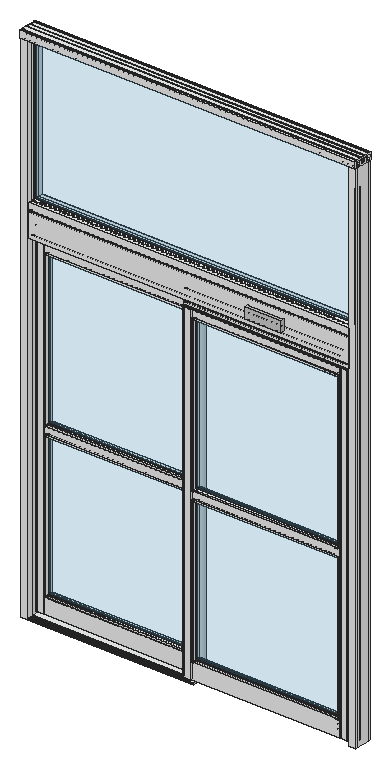
Revit family "2-6-5_Sliding-Door_TX9300SL_Single-RH-Inside-Slide-w-transom-SX-SO_Tormax", category Doors, host Wall, Revit 2026 (continued)
Definition of nested family "Door-Sliding-Tormax-Panel-SX_2.6"
  Automatic sketch dimensions
    Sweep 1 sketch curve to Sweep 1 sketch curve = 0' - 0"  (x4)
    plane 1 "Center (Front/Back)" to Sweep 1 sketch curve = 0' - 0"
    Sweep 1 sketch curve to plane 1 "Center (Front/Back)" = 0' - 0.77559"
    Sweep 1 sketch curve to Sweep 1 sketch curve = 0' - 0.11639"  (x2)
    Sweep 1 sketch curve to Sweep 1 sketch curve = 0' - 0.03961"
    Sweep 1 sketch curve to Sweep 1 sketch curve = 0' - 0 1/8"
    profile plane to Sweep 1 sketch curve = 0' - 0 1/4"
    profile plane to Sweep 1 sketch curve = 0' - 0.22824"
    profile plane to Sweep 1 sketch curve = 0' - 0.14081"
    Sweep 1 sketch curve to Sweep 1 sketch curve = 0' - 0.11893"  (x2)
    Sweep 1 sketch curve to Sweep 1 sketch curve = 0' - 0.01059"
    Sweep 1 sketch curve to Sweep 1 sketch curve = 0' - 0.0672"  (x2)
    Sweep 1 sketch curve to Sweep 1 sketch curve = 0' - 0.20161"
    Sweep 1 sketch curve to Sweep 1 sketch curve = 0' - 0.05661"
    Sweep 1 sketch curve to Sweep 1 sketch curve = 0' - 0.02176"
    plane 1 "Center (Front/Back)" to Sweep 1 sketch curve = 0' - 0.18701"
    Sweep 2 sketch curve to Sweep 2 sketch curve = 0' - 0.19782"
    Sweep 2 sketch curve to Sweep 2 sketch curve = 0' - 0.57201"
    Sweep 2 sketch curve to Sweep 2 sketch curve = 0' - 0.03645"
    Sweep 2 sketch curve to Sweep 2 sketch curve = 0' - 0.32492"
    Sweep 2 sketch curve to Sweep 2 sketch curve = 0' - 0.46727"
    Sweep 2 sketch curve to Sweep 2 sketch curve = 0' - 0 1/8"  (x4)
    Sweep 2 sketch curve to Sweep 2 sketch curve = 0' - 0.25063"  (x4)
    Sweep 2 sketch curve to Sweep 2 sketch curve = 0' - 0.44876"  (x2)
    Sweep 2 sketch curve to Sweep 2 sketch curve = 0' - 0.13262"  (x2)
    Sweep 2 sketch curve to Sweep 2 sketch curve = 0' - 0.25159"  (x2)
    Sweep 2 sketch curve to Sweep 2 sketch curve = 0' - 0.45154"  (x2)
    Sweep 2 sketch curve to Sweep 2 sketch curve = 0' - 0.24666"
    Sweep 2 sketch curve to Sweep 2 sketch curve = 0' - 0.12615"  (x2)
    plane 1 "Center (Front/Back)" to Sweep 2 sketch curve = 0' - 0.77066"
    Sweep 2 sketch curve to Sweep 2 sketch curve = 0' - 0.04797"  (x3)
    Sweep 2 sketch curve to plane 1 "Center (Front/Back)" = 0' - 0.77066"  (x2)
    plane 1 "Center (Front/Back)" to Sweep 2 sketch curve = 0' - 0.70777"
    Sweep 2 sketch curve to Sweep 2 sketch curve = 0' - 1 3/4"
    Sweep 2 sketch curve to Sweep 2 sketch curve = 0' - 0"  (x4)
    Sweep 2 sketch curve to Sweep 2 sketch curve = 0' - 0.1095"  (x2)
    Sweep 2 sketch curve to Sweep 2 sketch curve = 0' - 0.0465"  (x3)
    Sweep 2 sketch curve to Sweep 2 sketch curve = 0' - 0.24941"  (x2)
    Sweep 2 sketch curve to Sweep 2 sketch curve = 0' - 0.44928"  (x2)
    Sweep 2 sketch curve to Sweep 2 sketch curve = 0' - 0.25131"  (x2)
    Sweep 2 sketch curve to Sweep 2 sketch curve = 0' - 0.213"
    Sweep 2 sketch curve to Sweep 2 sketch curve = 0' - 0.156"
    Sweep 2 sketch curve to Sweep 2 sketch curve = 0' - 0.10643"  (x2)
    Sweep 2 sketch curve to Sweep 2 sketch curve = 0' - 0.25057"  (x2)
    Sweep 2 sketch curve to Sweep 2 sketch curve = 0' - 0.44958"  (x2)
    Sweep 2 sketch curve to Sweep 2 sketch curve = 0' - 0.24964"
    Sweep 2 sketch curve to Sweep 2 sketch curve = 0' - 0.21366"
    Sweep 2 sketch curve to plane 1 "Center (Front/Back)" = 0' - 0.77147"
    Sweep 2 sketch curve to Sweep 2 sketch curve = 0' - 0.04531"
    Sweep 2 sketch curve to Sweep 2 sketch curve = 0' - 0.04603"
    Sweep 2 sketch curve to Sweep 2 sketch curve = 0' - 0.11069"
    plane 1 "Center (Front/Back)" to Sweep 2 sketch curve = 0' - 0.70798"
    Sweep 2 sketch curve to Sweep 2 sketch curve = 0' - 0.10997"
    Sweep 2 sketch curve to Sweep 2 sketch curve = 0' - 0.10425"
    Sweep 2 sketch curve to plane 1 "Center (Front/Back)" = 0' - 0.8749"
    Sweep 2 sketch curve to plane 1 "Center (Front/Back)" = 0' - 0 7/8"
    Sweep 2 sketch curve to Sweep 2 sketch curve = 0' - 0.10401"  (x3)
    Sweep 2 sketch curve to Sweep 2 sketch curve = 0' - 0.01099"
    Sweep 2 sketch curve to Sweep 2 sketch curve = 0' - 0.01086"
    Sweep 2 sketch curve to plane 1 "Center (Front/Back)" = 0' - 0.75305"
    Sweep 2 sketch curve to Sweep 2 sketch curve = 0' - 0.00306"
    Sweep 2 sketch curve to Sweep 2 sketch curve = 0' - 0.1251"
    Sweep 2 sketch curve to Sweep 2 sketch curve = 0' - 0.031"  (x6)
    Sweep 2 sketch curve to Sweep 2 sketch curve = 0' - 0.05146"  (x2)
    Sweep 2 sketch curve to Sweep 2 sketch curve = 0' - 0.03386"  (x2)
    Sweep 2 sketch curve to Sweep 2 sketch curve = 0' - 0.03119"  (x2)
    Sweep 2 sketch curve to Sweep 2 sketch curve = 0' - 0.00039"
    Sweep 2 sketch curve to Sweep 2 sketch curve = 0' - 0.06145"  (x4)
    Sweep 2 sketch curve to Sweep 2 sketch curve = 0' - 0.06322"  (x4)
    Sweep 2 sketch curve to Sweep 2 sketch curve = 0' - 0.06391"
    Sweep 2 sketch curve to Sweep 2 sketch curve = 0' - 0.21"  (x3)
    Sweep 2 sketch curve to Sweep 2 sketch curve = 0' - 0.25268"
    plane 1 "Center (Front/Back)" to Sweep 2 sketch curve = 0' - 0 109/256"
    plane 1 "Center (Front/Back)" to Sweep 2 sketch curve = 0' - 0.51879"
    plane 1 "Center (Front/Back)" to Sweep 2 sketch curve = 0' - 0.519"
    Sweep 2 sketch curve to Sweep 2 sketch curve = 0' - 0.1"
    plane 1 "Center (Front/Back)" to Sweep 2 sketch curve = 0' - 0.5938"
    Sweep 2 sketch curve to Sweep 2 sketch curve = 0' - 0.18877"
    plane 1 "Center (Front/Back)" to Sweep 2 sketch curve = 0' - 0.70921"
    Sweep 2 sketch curve to Sweep 2 sketch curve = 0' - 0.12539"
    Sweep 2 sketch curve to Sweep 2 sketch curve = 0' - 0.03141"
    Sweep 2 sketch curve to Sweep 2 sketch curve = 0' - 0.239"
    Sweep 2 sketch curve to Sweep 2 sketch curve = 0' - 0.06349"
    Sweep 2 sketch curve to Sweep 2 sketch curve = 0' - 0.10343"
    Sweep 2 sketch curve to Sweep 2 sketch curve = 0' - 0.1101"
    plane 1 "Center (Front/Back)" to Sweep 6 sketch curve = 0' - 0.13997"  (x4)
    Sweep 6 sketch curve to Sweep 6 sketch curve = 0' - 0.512"
    Sweep 6 sketch curve to Sweep 6 sketch curve = 0' - 0"  (x9)
    Sweep 6 sketch curve to Sweep 6 sketch curve = 0' - 0.01301"  (x4)
    Sweep 6 sketch curve to plane 1 "Center (Front/Back)" = 0' - 0.6157"  (x2)
    Sweep 6 sketch curve to Sweep 6 sketch curve = 0' - 0.04373"  (x4)
    Sweep 6 sketch curve to Sweep 6 sketch curve = 0' - 0.06431"  (x4)
    Sweep 6 sketch curve to Sweep 6 sketch curve = 0' - 0.09972"
    Sweep 6 sketch curve to Sweep 6 sketch curve = 0' - 0.05"  (x19)
    Sweep 6 sketch curve to Sweep 6 sketch curve = 0' - 0.13079"  (x4)
    Sweep 6 sketch curve to Sweep 6 sketch curve = 0' - 0.1438"  (x4)
    Sweep 6 sketch curve to Sweep 6 sketch curve = 0' - 0.0339"  (x4)
    Sweep 6 sketch curve to Sweep 6 sketch curve = 0' - 0.05017"  (x4)
    Sweep 6 sketch curve to Sweep 6 sketch curve = 0' - 0.09251"
    Sweep 6 sketch curve to Sweep 6 sketch curve = 0' - 0.06616"  (x2)
    Sweep 6 sketch curve to Sweep 6 sketch curve = 0' - 0.08665"  (x4)
    Sweep 6 sketch curve to Sweep 6 sketch curve = 0' - 0.04414"  (x2)
    Sweep 6 sketch curve to plane 1 "Center (Front/Back)" = 0' - 0.58206"  (x2)
    Sweep 6 sketch curve to Sweep 6 sketch curve = 0' - 0.11234"  (x2)
    Sweep 6 sketch curve to Sweep 6 sketch curve = 0' - 0.0682"  (x4)
    Sweep 6 sketch curve to Sweep 6 sketch curve = 0' - 0.09942"  (x8)
    Sweep 6 sketch curve to Sweep 6 sketch curve = 0' - 0.04966"  (x8)
    plane 1 "Center (Front/Back)" to Sweep 6 sketch curve = 0' - 0.12483"  (x3)
    Sweep 6 sketch curve to Sweep 6 sketch curve = 0' - 0.00209"  (x8)
    Sweep 6 sketch curve to Sweep 6 sketch curve = 0' - 0.03487"  (x8)
    Sweep 6 sketch curve to plane 1 "Center (Front/Back)" = 0' - 0.20955"
    Sweep 6 sketch curve to plane 1 "Center (Front/Back)" = 0' - 0.07259"  (x4)
    Sweep 6 sketch curve to Sweep 6 sketch curve = 0' - 0.0719"  (x4)
    plane 1 "Center (Front/Back)" to Sweep 6 sketch curve = 0' - 0.07259"  (x4)
    Sweep 6 sketch curve to plane 1 "Center (Front/Back)" = 0' - 0.09459"  (x4)
    Sweep 6 sketch curve to Sweep 6 sketch curve = 0' - 0.02199"  (x8)
    plane 1 "Center (Front/Back)" to Sweep 6 sketch curve = 0' - 0.09459"  (x4)
    Sweep 6 sketch curve to Sweep 6 sketch curve = 0' - 0.09599"  (x4)
    Sweep 6 sketch curve to Sweep 6 sketch curve = 0' - 0.20772"  (x4)
    Sweep 6 sketch curve to Sweep 6 sketch curve = 0' - 0.13031"  (x2)
    Sweep 6 sketch curve to Sweep 6 sketch curve = 0' - 0.00586"  (x3)
    Sweep 6 sketch curve to Sweep 6 sketch curve = 0' - 0.10006"  (x2)
    Sweep 6 sketch curve to Sweep 6 sketch curve = 0' - 0.05599"
    Sweep 6 sketch curve to Sweep 6 sketch curve = 0' - 0.156"
    Sweep 6 sketch curve to Sweep 6 sketch curve = 0' - 0.14972"
    Sweep 6 sketch curve to Sweep 6 sketch curve = 0' - 0.12404"
    plane 1 "Center (Front/Back)" to Sweep 6 sketch curve = 0' - 0.20955"  (x2)
    Sweep 6 sketch curve to plane 1 "Center (Front/Back)" = 0' - 0.49166"
    Sweep 6 sketch curve to Sweep 6 sketch curve = 0' - 0.13361"
    Sweep 6 sketch curve to Sweep 6 sketch curve = 0' - 0.04991"  (x4)
    Sweep 6 sketch curve to Sweep 6 sketch curve = 0' - 0.08355"
    Sweep 6 sketch curve to plane 1 "Center (Front/Back)" = 0' - 0.66561"
    Sweep 6 sketch curve to Sweep 6 sketch curve = 0' - 0.01286"  (x4)
    Sweep 6 sketch curve to Sweep 6 sketch curve = 0' - 0.06296"  (x4)
    Sweep 6 sketch curve to Sweep 6 sketch curve = 0' - 0.09922"  (x4)
    Sweep 6 sketch curve to Sweep 6 sketch curve = 0' - 0.08367"  (x4)
    Sweep 6 sketch curve to Sweep 6 sketch curve = 0' - 0.04971"  (x8)
    Sweep 6 sketch curve to Sweep 6 sketch curve = 0' - 0.09641"  (x2)
    Sweep 6 sketch curve to Sweep 6 sketch curve = 0' - 0.0904"  (x3)
    Sweep 6 sketch curve to Sweep 6 sketch curve = 0' - 0 79/256"  (x2)
    Sweep 6 sketch curve to Sweep 6 sketch curve = 0' - 0.19365"  (x3)
    Sweep 6 sketch curve to Sweep 6 sketch curve = 0' - 0.08847"
    Sweep 6 sketch curve to Sweep 6 sketch curve = 0' - 0.07336"  (x4)
    Sweep 6 sketch curve to Sweep 6 sketch curve = 0' - 0.01367"  (x4)
    Sweep 6 sketch curve to Sweep 6 sketch curve = 0' - 0.11496"  (x3)
    Sweep 6 sketch curve to Sweep 6 sketch curve = 0' - 0.04144"  (x4)
    Sweep 6 sketch curve to Sweep 6 sketch curve = 0' - 0.04722"  (x4)
    Sweep 6 sketch curve to Sweep 6 sketch curve = 0' - 0.05012"  (x8)
    Sweep 6 sketch curve to Sweep 6 sketch curve = 0' - 0.06958"  (x4)
    Sweep 6 sketch curve to Sweep 6 sketch curve = 0' - 0.08472"  (x9)
    Sweep 6 sketch curve to Sweep 6 sketch curve = 0' - 0.06945"
    Sweep 6 sketch curve to Sweep 6 sketch curve = 0' - 0.14365"  (x2)
    Sweep 6 sketch curve to Sweep 6 sketch curve = 0' - 0.25378"  (x4)
    Sweep 6 sketch curve to Sweep 6 sketch curve = 0' - 0.11812"  (x3)
    Sweep 6 sketch curve to Sweep 6 sketch curve = 0' - 0.4219"
    Extrusion 10 sketch curve to plane 10 = 0' - 1.047"
    curve 3 to plane 8 "EXTERIOR" = 0' - 0"
    Sweep 9 sketch curve to plane 1 "Center (Front/Back)" = 0' - 0.28267"
    Sweep 9 sketch curve to Sweep 9 sketch curve = 0' - 0.14492"
    plane 1 "Center (Front/Back)" to Sweep 9 sketch curve = 0' - 0.01297"  (x3)
    Sweep 9 sketch curve to Sweep 9 sketch curve = 0' - 0.16308"
    Sweep 9 sketch curve to Sweep 9 sketch curve = 0' - 0.11923"
    Sweep 9 sketch curve to Sweep 9 sketch curve = 0' - 0 1/8"
    Sweep 9 sketch curve to Sweep 9 sketch curve = 0' - 0.00577"
    plane 1 "Center (Front/Back)" to Sweep 9 sketch curve = 0' - 0.253"
    Sweep 9 sketch curve to Sweep 9 sketch curve = 0' - 0.22"
    Sweep 9 sketch curve to Sweep 9 sketch curve = 0' - 0.075"
    plane 1 "Center (Front/Back)" to Sweep 9 sketch curve = 0' - 0.25306"
    Sweep 9 sketch curve to Sweep 9 sketch curve = 0' - 0"
    Sweep 9 sketch curve to Sweep 9 sketch curve = 0' - 0.065"
    Sweep 9 sketch curve to Sweep 9 sketch curve = 0' - 0.12"
    profile plane to Sweep 9 sketch curve = 0' - 0.37001"
    Sweep 9 sketch curve to Sweep 9 sketch curve = 0' - 0.09287"
    Sweep 9 sketch curve to Sweep 9 sketch curve = 0' - 0.04941"
    Sweep 9 sketch curve to Sweep 9 sketch curve = 0' - 0.17429"
    Sweep 9 sketch curve to Sweep 9 sketch curve = 0' - 0.04713"
    Sweep 9 sketch curve to Sweep 9 sketch curve = 0' - 0.17797"
    Sweep 9 sketch curve to Sweep 9 sketch curve = 0' - 0.07848"
    Sweep 9 sketch curve to Sweep 9 sketch curve = 0' - 0.60594"
    Sweep 9 sketch curve to Sweep 9 sketch curve = 0' - 0.02777"
    curve 1 to plane 11 = 0' - 0"
    radius of Extrusion 10 sketch curve = 0' - 0.69"
Types (3): name | Width | Rough Width | Door Width | Description
  7'-0" Package Width | 7' - 0" | 7' - 0 1/2" | 3' - 5 7/16" | "Single RH Inside Slide Application w/ Transom (SX-SO), 7'-0\" Package Width"
  8'-0" Package Width | 8' - 0" | 8' - 0 1/2" | 3' - 11 7/16" | "Single RH Inside Slide Application w/ Transom (SX-SO), 8'-0\" Package Width"
  9'-0" Package Width | 9' - 0" | 9' - 0 1/2" | 4' - 5 7/16" | "Single RH Inside Slide Application w/ Transom (SX-SO), 9'-0\" Package Width"
